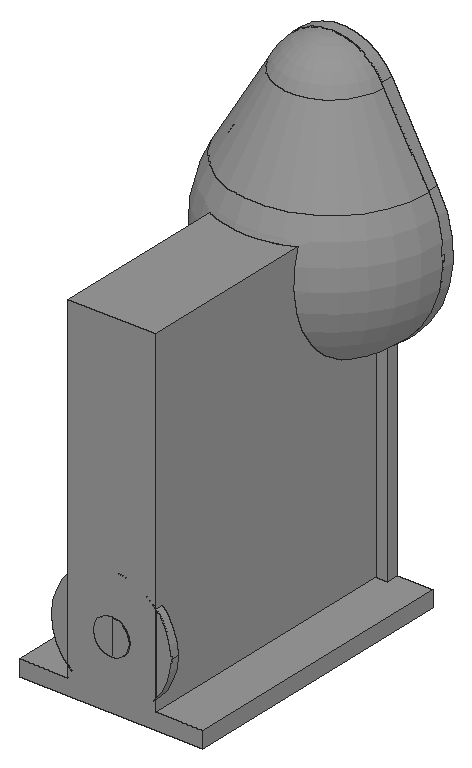
Revit family "Toilet-Willoughby-1490-HET-ETF-FM-TS-HC", category Plumbing Fixtures, host Face, Revit 2014
Parameters (values of type "Standard")
  Waste DIA = 2 1/4"
  Waste Connection = yes
  Vent Connection = no
  URL = "www.willoughby-ind.com"
  Type Comments = ""
  Revision = "A"
  Model = "ETF-1490-HET-FM-TS-HC-FA"
  Manufacturer = "Willoughby Industries"
  HW Connection = no
  Flush Inlet DIA = 1 1/2"
  Flush Inlet Connection = yes
  Fixture Body = Stainless Steel AISI 304-Willoughby
  Description = "High Efficiency  HandicapToilet"
  Default Elevation = 0' - 0"
  Contact = "(800) 428-4065"
  CW Connection = no
Reference planes (in)
  plane 1 "Center (Front/Back)": y = 0
  plane 2: z = 0
  plane 3 "Center (Left/Right)": x = 0
  plane 4 "Seat": y = 18
  plane 5 "Top": y = 19
  plane 6: y = 17.25
  plane 7: z = 18.5
  plane 8: z = 14.933
  plane 9: x = 3.25
  plane 10: x = -3.25
  plane 11: z = 20.25
  plane 12: x = 7
  plane 13: z = 23.1875
  plane 14: z = 8
  plane 15: z = 10
  plane 16: y = 8.5
  plane 17: y = 19.75
  plane 18: x = 2.75
  plane 19: x = -2.75
  plane 20: z = 27.75
  plane 21: x = 5.75
  plane 22: x = -5.75
  plane 23: z = 1.125
  plane 24: z = -3
  plane 25: y = 22
  plane 26: z = 2.75
  plane 27: z = 30.75
  plane 28: z = 22.20827
  plane 29: z = 4.25
Forms (in)
  Extrusion 1, solid, material "Stainless Steel AISI 304-Willoughby" <- "Fixture Body"
    sketch origin (0, 0, 0) x (1, 0, 0) y (0, 1, 0)
      loop
        line (-5.75, 0) -> (5.75, 0) -> (5.75, 18) -> (-5.75, 18) -> (-5.75, 0)
    from 0 to 1
  Revolve 2, solid, material "Stainless Steel AISI 304-Willoughby" <- "Fixture Body"
    sketch origin (-60, 17.25, 60.14981) x (-1, 0, 0) y (0, 0, 1)
      loop
        line (-60, -46.89981) -> (-60, -46.39981)
        arc (-60, -46.39981) -> (-65.42136, -42.59037) -> (-65.23755, -35.96698) r 7
        line (-65.23755, -35.96698) -> (-62.80388, -31.72393) -> (-62.74416, -31.59711)
        arc (-62.74416, -31.59711) -> (-61.61332, -30.35842) -> (-60, -29.89981) r 3.067
        line (-60, -29.89981) -> (-60, -29.39981)
        arc (-60, -29.39981) -> (-61.93389, -29.96955) -> (-63.25, -31.49678) r 3.567
        line (-63.25, -31.49678) -> (-66.0721, -36.41706)
        arc (-66.0721, -36.41706) -> (-66.0572, -43.40842) -> (-60, -46.89981) r 7
      axis (-60, -29.39981) -> (-60, -46.89981)
    angle from 0 to 180
  Extrusion 3, solid, material "Stainless Steel AISI 304-Willoughby" <- "Fixture Body"
    sketch origin (0, 0, 12.20755) x (1, 0, 0) y (0, 0, 1)
      loop
        line (-3.5, 1.93865) -> (-3.5, -11.20755) -> (3.5, -11.20755) -> (3.5, 1.93865)
        arc (3.5, 1.93865) -> (6.77318, 6.23534) -> (6.01269, 11.58294) r 6.99928
        line (6.01269, 11.58294) -> (3.14932, 16.69649)
        arc (3.14932, 16.69649) -> (-0.10896, 18.5408) -> (-3.25, 16.50322) r 3.60945
        line (-3.25, 16.50322) -> (-6.10166, 11.42924)
        arc (-6.10166, 11.42924) -> (-6.75024, 6.14955) -> (-3.5, 1.93865) r 6.99928
      loop
        arc (-4.17861, 9.875) -> (0, 3.42) -> (4.17861, 9.875) r 4.58
        line (4.17861, 9.875) -> (1.45817, 16.45616)
        arc (1.45817, 16.45616) -> (-0.05754, 17.35793) -> (-1.5058, 16.35139) r 1.629
        line (-1.5058, 16.35139) -> (-4.17861, 9.875)
    from -18 to -17.25
  Extrusion 4, solid, material "Stainless Steel AISI 304-Willoughby" <- "Fixture Body"
    sketch origin (0, 0, 12.20827) x (0, 1, 0) y (0, 0, 1)
      loop
        line (0, 10) -> (0, -12.20827) -> (17.25, -12.20827) -> (17.25, 1.50333)
        arc (17.25, 1.50333) -> (12.13093, 4.2568) -> (11.23533, 10) r 6.52933
        line (11.23533, 10) -> (0, 10)
    from 2.75 to -2.75
  Revolve 5, solid, material "Stainless Steel AISI 304-Willoughby" <- "Fixture Body"
    sketch origin (0, 0, 0) x (0, 1, 0) y (0, 0, 1)
      loop
        line (18.00006, 2.75) -> (16, 2.75) -> (16, 2) -> (18.00006, 2) -> (18.00006, 2.75)
      axis (18.00006, 2.75) -> (16, 2.75)
    angle from 0 to 360
  Revolve 6, solid, material "Stainless Steel AISI 304-Willoughby" <- "Fixture Body"
    sketch origin (0, 0, 0) x (0, 1, 0) y (0, 0, 1)
      loop
        line (-0.00058, 4.25) -> (1.75, 4.25) -> (1.75, 5.375) -> (-0.00058, 5.375) -> (-0.00058, 4.25)
      axis (1.75, 4.25) -> (-0.00058, 4.25)
    angle from 0 to 360
  Extrusion 7, solid, material "Stainless Steel AISI 304-Willoughby" <- "Fixture Body"
    sketch origin (0, 0, 0) x (1, 0, 0) y (0, 0, 1)
      loop
        circle (0, 4.25) r 3.75
    from 0 to -0.5
Cuts and joins
  joined: Extrusion 1, Revolve 2, Extrusion 4
Lines and regions (in)
  symbolic lines
    curve 1: line (5.75, 0, 0) -> (-5.75, 0, 0)
    curve 2: line (-7, 17.25, 0) -> (-7, 18, 0)
    curve 3: line (-7, 18, 0) -> (6.99928, 18, 0)
    curve 4: line (6.99928, 18, 0) -> (6.99928, 17.25, 0)
    curve 5: arc (6.99928, 17.25, 0) -> (5.84117, 13.39339, 0) -> (2.75, 10.8128, 0) r 7.00046
    curve 6: arc (2.75, 11.1179, 0) -> (0, 10.5295, 0) -> (-2.75, 11.1179, 0) r 6.7205
    curve 7: arc (-2.75, 10.8128, 0) -> (-5.84166, 13.39319, 0) -> (-7, 17.25, 0) r 7
    curve 8: line (-2.75, 10.8128, 0) -> (-2.75, 0, 0)
    curve 9: line (-2.75, 0.5, 0) -> (-3.75, 0.5, 0)
    curve 10: line (-3.75, 0.5, 0) -> (-3.75, 0, 0)
    curve 11: line (2.75, 11.1179, 0) -> (2.75, 0, 0)
    curve 12: line (3.75, 0, 0) -> (3.75, 0.5, 0)
    curve 13: line (3.75, 0.5, 0) -> (2.75, 0.5, 0)
    curve 14: line (5.75, 0, 0) -> (5.75, 13.25871, 0)
    curve 15: line (-3.5, 0, 1) -> (-5.75, 0, 1)
    curve 16: line (-5.75, 0, 1) -> (-5.75, 0, 0)
    curve 17: line (-5.75, 0, 0) -> (5.75, 0, 0)
    curve 18: line (5.75, 0, 0) -> (5.75, 0, 1)
    curve 19: line (5.75, 0, 1) -> (3.5, 0, 1)
    curve 20: line (3.5, 0, 1) -> (3.5, 0, 14.1462)
    curve 21: line (-3.5, 0, 1) -> (-3.5, 0, 14.1462)
    curve 24: arc (3.5, 0, 14.1462) -> (6.77861, 0, 18.44148) -> (6.01269, 0, 23.7905) r 6.98608
    curve 25: line (6.01269, 0, 23.7905) -> (3.14932, 0, 28.90404)
    curve 26: arc (3.14932, 0, 28.90404) -> (0, 0, 30.75) -> (-3.14932, 0, 28.90404) r 3.60945
    curve 27: line (-3.14932, 0, 28.90404) -> (-6.09392, 0, 23.69444)
    curve 28: arc (-6.09392, 0, 23.69444) -> (-6.7586, 0, 18.38741) -> (-3.5, 0, 14.1462) r 7.03639
    curve 33: line (0, 0, 0) -> (0, 18, 0)
    curve 34: line (0, 18, 0) -> (0, 18, 30.75)
    curve 35: line (0, 18, 30.75) -> (0, 17.25, 30.75)
    curve 36: arc (0, 17.25, 30.75) -> (0, 15.625, 30.35987) -> (0, 14.35423, 29.27453) r 3.57937
    curve 37: line (0, 14.35423, 29.27453) -> (0, 11.74916, 24.71645)
    curve 38: arc (0, 11.74916, 24.71645) -> (0, 11.04165, 23.50986) -> (0, 10.5295, 22.20827) r 9.00632
    curve 39: line (0, 11.1179, 22.20827) -> (0, 0, 22.20827)
    curve 40: line (0, 0, 22.20827) -> (0, 0, 0)
    curve 41: line (0, 0, 1) -> (0, 18, 1)
    curve 42: line (0, 17.25, 1) -> (0, 17.25, 14.1462)
    curve 43: line (0, 17.25, 14.1462) -> (0, 18, 14.1462)
    curve 44: arc (0, 17.25, 13.75) -> (0, 14.48958, 14.42341) -> (0, 12.25945, 16.18405) r 6.67404
    curve 45: arc (0, 12.25945, 16.18405) -> (0, 11.23998, 17.93501) -> (0, 10.82598, 19.91837) r 6.32979
    curve 46: arc (0, 10.82598, 19.91837) -> (0, 10.87332, 21.0759) -> (0, 11.1179, 22.20827) r 6.74991
    curve 47: line (-5.75, 0, 0) -> (-5.75, 13.25782, 0)
    curve 48: line (-2.75, 10.8128, 0) -> (-2.75, 11.1179, 0)
  symbolic lines, detail levels fine
    curve 22: arc (-3.5, 0, 2.90371) -> (-3.75, 0, 4.25) -> (-3.5, 0, 5.59629) r 3.75
    curve 23: arc (3.5, 0, 2.90371) -> (3.75, 0, 4.25) -> (3.5, 0, 5.59629) r 3.75
    curve 29: arc (-4.1372, 0, 22.17225) -> (-0.0494, 0, 15.62782) -> (4.17861, 0, 22.08255) r 4.58
    curve 30: line (4.17861, 0, 22.08255) -> (1.45817, 0, 28.66371)
    curve 31: arc (1.45817, 0, 28.66371) -> (0, 0, 29.5665) -> (-1.45817, 0, 28.66371) r 1.629
    curve 32: line (-1.45817, 0, 28.66371) -> (-4.1372, 0, 22.17225)
Dimensions and locks (in)
  equal spacing: plane 9, plane 3 "Center (Left/Right)", plane 10
  plane 9 to plane 10 = 0' - 6 1/2"
  host face to plane 11 = 1' - 8 1/4"
  plane 7 to level = 1' - 6 1/2"
  plane 5 "Top" to plane 1 "Center (Front/Back)" = 1' - 7"
  plane 4 "Seat" to plane 1 "Center (Front/Back)" = 1' - 6"
  plane 16 to plane 1 "Center (Front/Back)" = 0' - 8 1/2"
  plane 1 "Center (Front/Back)" to plane 16 = 0' - 8 1/2"
  plane 19 to plane 18 = 0' - 5 1/2"
  plane 6 to plane 1 "Center (Front/Back)" = 1' - 5 1/4"
  level to plane 27 = 2' - 6 3/4"
  plane 22 to plane 21 = 0' - 11 1/2"
  plane 1 "Center (Front/Back)" to plane 4 "Seat" = 1' - 6"
  plane 22 to plane 3 "Center (Left/Right)" = 0' - 5 3/4"
  plane 25 to plane 1 "Center (Front/Back)" = 1' - 10"
  plane 20 to level = 2' - 3 3/4"
  level to plane 26 = 0' - 2 3/4"
  plane 21 to plane 3 "Center (Left/Right)" = 0' - 5 3/4"
  plane 3 "Center (Left/Right)" to plane 22 = 0' - 5 3/4"
  plane 26 to level = 0' - 2 3/4"
  level to plane 29 = 0' - 4 1/4"
  aligned and locked: plane 2 to host face
  aligned and locked: level to host face
  aligned and locked: plane 21 to Extrusion 1
  aligned and locked: Extrusion 1 to plane 22
  aligned and locked: plane 18 to Extrusion 4
  aligned and locked: Extrusion 4 to plane 19
  aligned and locked: Revolve 5 sketch curve to Revolve 5 sketch curve  (x2)
  aligned and locked: Extrusion 3 to cut or joined group of Extrusion 1, Revolve 2, Extrusion 4
  aligned and locked: Revolve 6 sketch curve to Revolve 6 sketch curve  (x2)
Automatic sketch dimensions
  host sketch curve to host sketch curve = 3' - 6.09429"
  host sketch curve to host sketch curve = 4' - 3.69331"
  Extrusion 1 sketch curve to plane 5 "Top" = 0' - 1"
  Extrusion 3 sketch curve to Extrusion 3 sketch curve = 0' - 0"  (x4)
  Extrusion 3 sketch curve to plane 10 = 0' - 0"
  Extrusion 3 sketch curve to plane 3 "Center (Left/Right)" = 0' - 0"  (x3)
  plane 14 to Extrusion 3 sketch curve = 1' - 0.20755"
  plane 8 to Extrusion 3 sketch curve = 1' - 0.20755"
  Extrusion 3 sketch curve to plane 10 = 0' - 0 1/4"
  Extrusion 3 sketch curve to plane 10 = 0' - 0.92861"
  Extrusion 3 sketch curve to plane 3 "Center (Left/Right)" = 0' - 1.5058"
  plane 3 "Center (Left/Right)" to Extrusion 3 sketch curve = 0' - 1.45817"
  Extrusion 3 sketch curve to plane 9 = 0' - 0.10068"
  plane 9 to Extrusion 3 sketch curve = 0' - 0 1/4"
  plane 9 to Extrusion 3 sketch curve = 0' - 0.92861"
  level to Extrusion 3 sketch curve = 1' - 2.1462"  (x2)
  plane 14 to Extrusion 3 sketch curve = 1' - 2.08255"
  Extrusion 3 sketch curve to Extrusion 3 sketch curve = 0' - 0.79695"
  plane 8 to Extrusion 3 sketch curve = 1' - 1.62595"
  plane 8 to Extrusion 3 sketch curve = 1' - 1.77778"
  Extrusion 3 sketch curve to Extrusion 3 sketch curve = 1' - 1.1462"
  plane 15 to Extrusion 4 sketch curve = 1' - 0.20827"
  Extrusion 4 sketch curve to plane 6 = 0' - 0"
  plane 6 to Extrusion 4 sketch curve = 0' - 0.21015"
  plane 14 to Extrusion 4 sketch curve = 1' - 0.23755"
  level to Extrusion 4 sketch curve = 0' - 0"
  Extrusion 4 sketch curve to plane 6 = 0' - 6.01467"
  Revolve 2 sketch curve to Revolve 2 sketch curve = 0' - 0"  (x3)
  Revolve 2 sketch curve to plane 9 = 0' - 0"
  Revolve 2 sketch curve to plane 3 "Center (Left/Right)" = 0' - 0"  (x3)
  Revolve 2 sketch curve to plane 11 = 0' - 0"
  Revolve 2 sketch curve to plane 9 = 0' - 0.44612"
  Revolve 2 sketch curve to Revolve 2 sketch curve = 0' - 0.05972"
  plane 11 to Revolve 2 sketch curve = 0' - 0.45007"
  Revolve 2 sketch curve to plane 3 "Center (Left/Right)" = 0' - 0.83455"
  level to Revolve 2 sketch curve = 1' - 1 3/4"
  Revolve 2 sketch curve to Revolve 2 sketch curve = 0' - 0 1/2"
  plane 8 to Revolve 2 sketch curve = 1' - 0 1/4"
  plane 8 to Revolve 2 sketch curve = 1' - 1.49288"
  Revolve 2 sketch curve to Revolve 2 sketch curve = 0' - 0.12681"
  Revolve 2 sketch curve to Revolve 2 sketch curve = 0' - 0.22715"
  Extrusion 1 sketch curve to plane 10 = 0' - 2 1/2"
  plane 7 to Extrusion 3 sketch curve = 0' - 5.13679"
  plane 9 to Extrusion 1 sketch curve = 0' - 2 1/2"
  plane 7 to Revolve 2 sketch curve = 0' - 5.68282"
  plane 7 to Revolve 2 sketch curve = 0' - 5.23275"
  plane 7 to Extrusion 3 sketch curve = 0' - 5.2905"
  plane 1 "Center (Front/Back)" to Extrusion 1 sketch curve = 0' - 0"
  Extrusion 4 sketch curve to plane 1 "Center (Front/Back)" = 0' - 0"
  Revolve 5 sketch curve to plane 26 = 0' - 0"  (x2)
  Revolve 5 sketch curve to plane 5 "Top" = 0' - 0.99994"
  Revolve 5 sketch curve to plane 6 = 0' - 1 1/4"
  Revolve 5 sketch curve to Revolve 5 sketch curve = 0' - 0 3/4"
  Revolve 5 sketch curve to Revolve 5 sketch curve = 0' - 0"
  Revolve 6 sketch curve to plane 29 = 0' - 0"
  plane 1 "Center (Front/Back)" to Revolve 6 sketch curve = 0' - 0.00058"
  Revolve 6 sketch curve to plane 1 "Center (Front/Back)" = 0' - 1 3/4"
  Revolve 6 sketch curve to Revolve 6 sketch curve = 0' - 1 1/8"
  Revolve 6 sketch curve to Revolve 6 sketch curve = 0' - 1.24942"
  Extrusion 7 sketch curve to plane 3 "Center (Left/Right)" = 0' - 0"
  Extrusion 7 sketch curve to plane 29 = 0' - 0"
  curve 22 to curve 23 = 0' - 0"  (x2)
  curve 16 to level = 0' - 0"
  curve 16 to plane 22 = 0' - 0"
  curve 29 to plane 3 "Center (Left/Right)" = 0' - 0"
  curve 22 to plane 3 "Center (Left/Right)" = 0' - 0"
  curve 31 to plane 3 "Center (Left/Right)" = 0' - 0"
  curve 26 to plane 3 "Center (Left/Right)" = 0' - 0"
  curve 18 to plane 21 = 0' - 0"
  curve 22 to plane 29 = 0' - 0"
  curve 27 to plane 22 = 0' - 0.34392"
  curve 15 to plane 10 = 0' - 0 1/4"
  plane 10 to curve 27 = 0' - 0.10068"
  plane 3 "Center (Left/Right)" to curve 24 = 0' - 0.01822"
  plane 3 "Center (Left/Right)" to curve 28 = 0' - 0.03168"
  curve 30 to plane 18 = 0' - 1.29183"
  curve 25 to plane 9 = 0' - 0.10068"
  plane 9 to curve 20 = 0' - 0 1/4"
  curve 30 to plane 28 = 0' - 0.12572"
  plane 9 to curve 30 = 0' - 0.92861"
  plane 21 to curve 25 = 0' - 0.26269"
  curve 16 to plane 23 = 0' - 0 1/8"
  curve 18 to plane 23 = 0' - 0 1/8"
  curve 21 to plane 8 = 0' - 0.7868"
  curve 20 to plane 8 = 0' - 0.7868"
  plane 7 to curve 24 = 0' - 1.70281"
  curve 24 to curve 29 = 0' - 0.00475"
  curve 24 to curve 28 = 0' - 0.02928"
  curve 26 to plane 20 = 0' - 0.60945"
  plane 20 to curve 31 = 0' - 0 3/16"
  plane 20 to curve 30 = 0' - 0.91371"
  plane 20 to curve 25 = 0' - 1.15404"
  curve 32 to plane 28 = 0' - 0.03603"
  plane 20 to curve 31 = 0' - 0.91371"
  plane 26 to curve 23 = 0' - 0.15371"
  plane 26 to curve 22 = 0' - 0.15371"
  curve 33 to level = 0' - 0"
  curve 33 to plane 1 "Center (Front/Back)" = 0' - 0"
  curve 38 to plane 28 = 0' - 0"
  curve 36 to plane 6 = 0' - 0"
  curve 42 to plane 6 = 0' - 0"
  curve 34 to plane 4 "Seat" = 0' - 0"
  curve 35 to plane 27 = 0' - 0"
  curve 37 to plane 27 = 0' - 1.47547"
  curve 37 to curve 35 = 0' - 2.89577"
  curve 45 to plane 6 = 0' - 0.10065"
  plane 6 to curve 44 = 0' - 0.16529"
  curve 44 to curve 46 = 0' - 0.15375"
  plane 5 "Top" to curve 38 = 0' - 0.14112"
  curve 42 to plane 8 = 0' - 0.7868"
  plane 7 to curve 38 = 0' - 1.07127"
  curve 45 to curve 46 = 0' - 0.01892"
  curve 46 to curve 44 = 0' - 0.19968"
  plane 28 to curve 37 = 0' - 2.50818"
  curve 38 to curve 45 = 0' - 0.29648"
  curve 46 to curve 45 = 0' - 0"
  curve 38 to curve 39 = 0' - 0.5884"
  plane 8 to curve 44 = 0' - 1.25105"
  curve 45 to curve 44 = 0' - 0"
  curve 42 to plane 23 = 0' - 0 1/8"
  curve 6 to curve 7 = 0' - 0"  (x2)
  curve 3 to plane 4 "Seat" = 0' - 0"
  curve 2 to plane 6 = 0' - 0"
  plane 1 "Center (Front/Back)" to curve 47 = 0' - 0"
  curve 47 to plane 22 = 0' - 0"
  curve 9 to plane 19 = 0' - 0"
  curve 5 to plane 6 = 0' - 0"
  curve 6 to plane 3 "Center (Left/Right)" = 0' - 0"
  curve 13 to plane 18 = 0' - 0"
  curve 14 to plane 21 = 0' - 0"
  curve 2 to plane 22 = 0' - 1 1/4"
  curve 9 to plane 10 = 0' - 0 1/2"
  curve 5 to plane 3 "Center (Left/Right)" = 0' - 0.00118"
  plane 9 to curve 12 = 0' - 0 1/2"
  plane 21 to curve 4 = 0' - 1.24928"
  curve 13 to plane 1 "Center (Front/Back)" = 0' - 0 1/2"
  curve 9 to plane 1 "Center (Front/Back)" = 0' - 0 1/2"
  curve 5 to curve 11 = 0' - 0.30509"
  radius of Extrusion 7 sketch curve = 0' - 3 3/4"
Connectors (in)
  piping at (0, 18.00006, 2.75), diameter 1.5, driven by "Flush Inlet Connection", driven by "Flush Inlet DIA"
    settings: on Revolve 5, index 2, connector inside diameter 24", connector length 0' - 0", flow factor 0, pipe flow 0 GPM, pressure drop 0.00 psi, fitting loss kfactor 0, connector angle 0.00°, fixture units 0, engagement length 0' - 0", angle of deflection 0.00°, flow configuration 0, flow direction 1, fitting loss method 0, system type 20, joint type 0, gender type 0, connector reference index -1, connector utility 1, adjustable connector no, is connector primary yes, connector description "Flush Inlet"
  piping at (0, -0.00058, 4.25), diameter 2.25, driven by "Waste Connection", driven by "Waste DIA"
    settings: on Revolve 6, index 3, connector inside diameter 24", connector length 0' - 0", flow factor 0, pipe flow 0 GPM, pressure drop 0.00 psi, fitting loss kfactor 0, connector angle 0.00°, fixture units 0, engagement length 0' - 0", angle of deflection 0.00°, flow configuration 0, flow direction 2, fitting loss method 0, system type 16, joint type 0, gender type 0, connector reference index -1, connector utility 1, adjustable connector no, is connector primary no, connector description "Toilet Waste"
